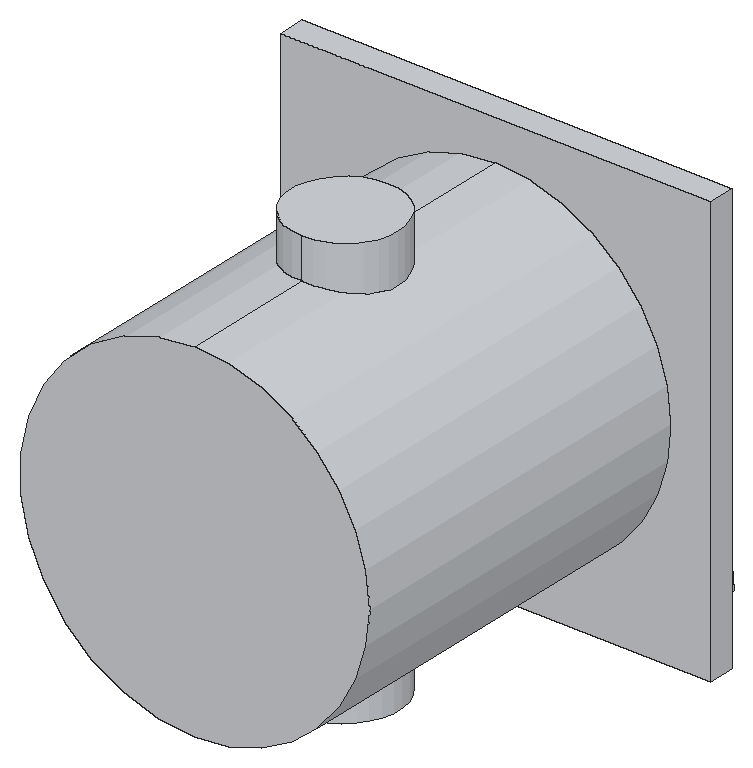
Revit family "LS_Serienwechselschalter_V1700", category Lichtschalter, Revit 2017
Family settings
  Beschriftungsausrichtung beibehalten = Nein
  Bemaßung runder Anschluss = Durchmesser verwenden
  Teiletyp = Schalter
  OmniClass-Nummer = 23.85.80.11.27
  OmniClass-Titel = Lighting Controls
  Arbeitsebenenbasiert = Nein
  Immer vertikal = Ja
  Beim Laden mit Abzugskörper schneiden = Nein
  Gemeinsam genutzt = Nein
  Raumberechnungspunkt = Nein
Parameters (values of type "allgemein")
  pbr_Material_KZ = ""
  pbr_Material = none
  pbr_E_Typ = ""
  pbr_E_KZ = ""
  pbr_DINBild = 0
  pbr_Bild = 0
  pbr_3Dx_Delta_Korrekturversatz [instance] = 0 mm
  pbr_3DX_Versatzfaktor [instance] = 0
  pbr_2DY_Versatzfaktor [instance] = 0
  pbr_2DX_Versatzfaktor [instance] = 0
  lfd_STRK [instance] = 0
  cpiFitMatchKey [instance] = "E-LS-WES-1"
  Zentrale [instance] = ""
  YFrontversatz [instance] = if(pbr_2DY_Versatzfaktor = 300, 0 mm, pbr_2DY_Versatzfaktor * 300 mm)  # 0 mm
  XSeitenversatz [instance] = if(pbr_2DX_Versatzfaktor = 0, 3000 mm, 3000 mm + (pbr_2DX_Versatzfaktor * 300 mm)) + Eckversatz  # 3000 mm
  Typ [instance] = ""
  Text3 [instance] = ""
  Text2 [instance] = ""
  Text1 [instance] = ""
  Serienwechselschalter mit Leuchte = no
  Serienwechselschalter = yes
  Schaltgruppe2 [instance] = 0
  Schaltgruppe1 [instance] = 0
  R_Leerrohranschluss = 10 mm
  Planungsbüro Rohling = "www.pbr.de"
  Niveau [instance] = 1100 mm
  Netzart = ""
  Menge(Dosenzahl) [instance] = 0
  Linie/Anschluss [instance] = ""
  Lastklassifizierung = none
  Installationsart [instance] = ""
  Info [instance] = ""
  IFC = ""
  Gewerk [instance] = "Schalt"
  Eckversatz [instance] = 0 mm
  Dosentiefe = 70 mm  # constant formula
  Dosenradius = 65 mm / 2  # 32.5 mm
  D_Leerrohranschluss = 2 * R_Leerrohranschluss  # 20 mm
  Breite = 80 mm
  3DX_Versatzkontrolle [instance] = if(pbr_3DX_Versatzfaktor = 0, (pbr_2DX_Versatzfaktor * -1), (((-1 * pbr_3DX_Versatzfaktor) + pbr_2DX_Versatzfaktor) * -1))  # 0
  3DX_Versatz [instance] = if([3DX_Versatzkontrolle] = 0, 2000 mm, 2000 mm + ([3DX_Versatzkontrolle] * (300 mm - Breite))) + pbr_3Dx_Delta_Korrekturversatz  # 2000 mm
  Platzierrahmen [instance] = no
Types (2, lengths in mm): name | Serienwechselschalter mit Leuchte | Serienwechselschalter
  allgemein | no | yes
  Leuchte | yes | no
Reference planes
  plane 1 "Mitte (Vorne/Hinten)": y = 0
  plane 2: z = 0
  plane 3 "Mitte (Links/Rechts)": x = 0
  plane 4: x = -125
  plane 5: x = 125
  plane 6: x = -40
  plane 7: x = 40
  plane 8: z = 1140
  plane 9: z = 1060
  plane 10 "SchalterVorne": y = 5
  plane 11 "3DSchalterMitte": x = 0
  plane 12: z = 1100
  plane 13: y = -70
  plane 14: y = -35
  plane 15: x = -3000
  plane 16: x = 0
  plane 17: y = 0
Forms (mm)
  Extrusion 1, solid
    sketch origin (0, 20, 0) x (0, 0, 1) y (-1, 0, 0)
      loop
        line (1060, 40) -> (1060, -40) -> (1140, -40) -> (1140, 40) -> (1060, 40)
    from 15 to 20
  Sweep 2, solid
    path origin (0, 0, 0) x (0, 0, 1) y (0, -1, 0)
      loop
        line (1100, 0) -> (1100, 70)
    profile origin (0, -35, 1100) x (0, 0, -1) y (1, 0, 0)
      loop
        circle (0, 0) r 32.5
  Sweep 3, solid
    path origin (0, 0, 0) x (1, 0, 0) y (0, 1, 0)
      loop
        line (-32.5, 0) -> (32.5, 0)
    profile origin (0, 0, 0) x (0, 1, 0) y (0, 0, 1)
      loop
        line (5, 1135) -> (5, 1066.102) -> (14.712, 1066.102) -> (7.47, 1135) -> (5, 1135)
  Sweep 4, solid
    path origin (0, 0, 0) x (0, 0, 1) y (0, -1, 0)
      loop
        line (1060, 35) -> (1140, 35)
    profile origin (0, -35, 1100) x (0, -1, 0) y (1, 0, 0)
      loop
        circle (0, 0) r 10
Cuts and joins
  joined: Sweep 2, Sweep 4
Dimensions and locks
  plane 4 to plane 5 = 250 mm
  plane 7 to plane 6 = 80 mm
  plane 8 to plane 9 = 80 mm
  equal spacing: plane 7, plane 11 "3DSchalterMitte", plane 6
  equal spacing: plane 8, plane 12, plane 9
  "Niveau": plane 12 to level
  "Dosentiefe": plane 1 "Mitte (Vorne/Hinten)" to plane 13
  plane 10 "SchalterVorne" to plane 1 "Mitte (Vorne/Hinten)" = 5 mm
  equal spacing: plane 13, plane 14, plane 1 "Mitte (Vorne/Hinten)"
  Sweep 3 sketch curve to plane 8 = 5 mm
  "Breite": plane 7 to plane 6
  locked: plane 15 to plane 11 "3DSchalterMitte" at 3000
  "XSeitenversatz": plane 15 to plane 16
  "YFrontversatz": plane 1 "Mitte (Vorne/Hinten)" to plane 17
  "Dosenradius": radius of Sweep 2 sketch curve
  "R_Leerrohranschluss": radius of Sweep 4 sketch curve
  aligned and locked: level to plane 2
  aligned and locked: plane 9 to Extrusion 1 sketch curve
  aligned and locked: Extrusion 1 sketch curve to plane 6
  aligned and locked: Extrusion 1 sketch curve to plane 8
  aligned and locked: plane 7 to Extrusion 1 sketch curve
  aligned and locked: plane 1 "Mitte (Vorne/Hinten)" to Extrusion 1
  aligned and locked: Extrusion 1 to plane 10 "SchalterVorne"
  aligned and locked: plane 16 to nested 2
  aligned and locked: nested 2 to plane 17
  aligned and locked: nested 1 to nested 2  (x2)
Automatic sketch dimensions
  Sweep 2 sketch curve to plane 12 = 0 mm
  Sweep 2 sketch curve to plane 1 "Mitte (Vorne/Hinten)" = 0 mm
  Sweep 2 sketch curve to plane 13 = 0 mm
  plane 1 "Mitte (Vorne/Hinten)" to Sweep 3 sketch curve = 0 mm
  plane 6 to Sweep 3 sketch curve = 7.5 mm
  Sweep 3 sketch curve to plane 7 = 7.5 mm
  Sweep 3 sketch curve to profile plane = 7.47 mm
  Sweep 3 sketch curve to profile plane = 14.712 mm
  Sweep 3 sketch curve to profile plane = 5 mm
  Sweep 3 sketch curve to Sweep 3 sketch curve = 68.898 mm
  Sweep 4 sketch curve to plane 9 = 0 mm
  plane 8 to Sweep 4 sketch curve = 0 mm
  Sweep 4 sketch curve to plane 14 = 0 mm
  Sweep 2 sketch curve to plane 11 "3DSchalterMitte" = 0 mm
  Sweep 2 sketch curve to profile plane = 0 mm
  Sweep 4 sketch curve to plane 11 "3DSchalterMitte" = 0 mm
  Sweep 4 sketch curve to profile plane = 0 mm
Nested families
  nested 1: "Serienwechselschalter" at (0, 0, 0), visible <- "Serienwechselschalter", type "Serienwechselschalter"
  nested 2: "Serienwechselschalter mit Beleuchtung" at (0, 0, 0), visible <- "Serienwechselschalter mit Leuchte", type "Serienwechselschalter mit Beleuchtung"
Connectors
  electrical at (0, -35, 1140)
    settings: on cut or joined group of Sweep 2, Sweep 4, index 3, voltage 230 V, apparent load 0 VA, apparent load phase1 0 VA, apparent load phase2 0 VA, apparent load phase3 0 VA, power factor 1, load classification "Standard", number of poles 1, system type 13, power factor state 1, is connector primary yes, connector utility no, sub classification motor no, connector description ""
  cabletrayconduit at (0, -35, 1140), diameter 20, driven by "D_Leerrohranschluss"
    settings: on cut or joined group of Sweep 2, Sweep 4, index 4, connector width 300 mm, connector height 300 mm, connector angle 0.00°, system type 32, placement type 0, profile type 0, connector reference index -1, is primary connector yes, connector utility param no, connector description ""
  cabletrayconduit at (0, -35, 1060), diameter 20, driven by "D_Leerrohranschluss"
    settings: on cut or joined group of Sweep 2, Sweep 4, index 5, connector width 300 mm, connector height 300 mm, connector angle 0.00°, system type 32, placement type 0, profile type 0, connector reference index -1, is primary connector no, connector utility param no, connector description ""
Definition of nested family "Serienwechselschalter"
  Reference planes
    plane 1 "Mitte (Vorne/Hinten)": y = 0
    plane 2: z = 0
    plane 3 "Mitte (Links/Rechts)": x = 0
  Lines and regions (mm)
    detail lines, in view "Referenzebene"
      curve 1: circle (-0.26, 202.999, 0) r 66.5 normal (0, 0, 1)
      curve 2: line (-31.409, 144.245, 0) -> (-153.313, 2.272, 0)
      curve 3: line (-153.313, 2.272, 0) -> (-197.413, 46.769, 0)
      curve 4: line (30.888, 261.752, 0) -> (152.792, 403.725, 0)
      curve 5: line (152.792, 403.725, 0) -> (196.893, 359.228, 0)
      curve 6: line (-31.409, 261.752, 0) -> (-153.313, 403.725, 0)
      curve 7: line (-153.313, 403.725, 0) -> (-197.413, 359.228, 0)
Definition of nested family "Serienwechselschalter mit Beleuchtung"
  Reference planes
    plane 1 "Mitte (Vorne/Hinten)": y = 0
    plane 2: z = 0
    plane 3 "Mitte (Links/Rechts)": x = 0
  Lines and regions (mm)
    detail lines, in view "Referenzebene"
      curve 1: circle (-0.26, 202.999, 0) r 66.5 normal (0, 0, 1)
      curve 2: line (-47.283, 250.021, 0) -> (46.762, 155.976, 0)
      curve 3: line (-47.283, 155.976, 0) -> (46.762, 250.021, 0)
      curve 4: line (-31.409, 144.245, 0) -> (-153.313, 2.272, 0)
      curve 5: line (-153.313, 2.272, 0) -> (-197.413, 46.769, 0)
      curve 6: line (30.888, 261.752, 0) -> (152.792, 403.725, 0)
      curve 7: line (152.792, 403.725, 0) -> (196.893, 359.228, 0)
      curve 8: line (-31.409, 261.752, 0) -> (-153.313, 403.725, 0)
      curve 9: line (-153.313, 403.725, 0) -> (-197.413, 359.228, 0)
